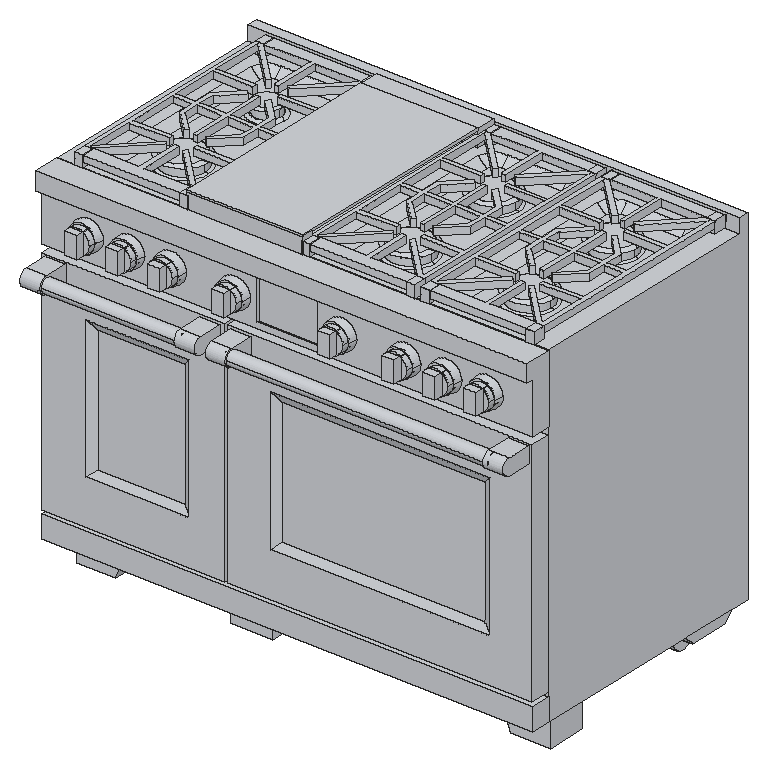
Revit family "DF48650G_S_P", category Generic Models, Revit 2020
Family settings
  Can host rebar = No
  Round Connector Dimension = Use Diameter
  Part Type = Normal
  Work Plane-Based = No
  Always vertical = Yes
  Cut with Voids When Loaded = No
  Shared = No
  Room Calculation Point = No
Parameters
  Default Elevation = 0' - 0"
Reference planes (in)
  plane 1 "Center (Front/Back)": y = 0
  plane 2: z = 0
  plane 3 "Center (Left/Right)": x = 0
Forms (in)
  Extrusion 1, solid
    sketch origin (0, 0, 0) x (0, 1, 0) y (0, 0, 1)
      loop
        line (1.88976, 35.59055) -> (-0.70866, 35.59055) -> (-0.70866, 33.89764) -> (0, 33.89764) -> (0, 28.9252) -> (1.88976, 28.9252) -> (1.88976, 35.59055)
    from 0 to 47.87401
  Extrusion 2, solid
    sketch origin (0, 0, 0) x (0, 1, 0) y (0, 0, 1)
      loop
        line (26.14173, 36.9685) -> (25.15748, 36.9685) -> (25.15748, 35.59055) -> (1.9685, 35.59055) -> (1.9685, 3.14961) -> (26.14173, 3.14961) -> (26.14173, 36.9685)
    from 0 to 47.87401
  Extrusion 3, solid
    sketch origin (0, 0, 0) x (0, 1, 0) y (0, 0, 1)
      loop
        line (1.9685, 5.31496) -> (0, 5.31496) -> (0, 3.14961) -> (1.9685, 3.14961) -> (1.9685, 5.31496)
    from 0 to 47.87401
  Extrusion 4, solid
    sketch origin (0, 0, 0) x (0, 1, 0) y (0, 0, 1)
      loop
        line (0, 28.18898) -> (0, 5.70866) -> (1.9685, 5.70866) -> (1.9685, 28.18898) -> (0, 28.18898)
    from 0 to 17.79528
  Extrusion 5, solid
    sketch origin (0, 0, 0) x (0, 1, 0) y (0, 0, 1)
      loop
        line (0, 26.41732) -> (0, 27.99213) -> (-2.3622, 27.99213)
        arc (-2.3622, 27.99213) -> (-3.14961, 27.20472) -> (-2.3622, 26.41732) r 0.7874
        line (-2.3622, 26.41732) -> (0, 26.41732)
    from 0.40557 to 2.36419
  Extrusion 6, solid
    sketch origin (26.75, 0, 0) x (0, 1, 0) y (0, 0, 1)
      loop
        line (0, 26.41732) -> (0, 27.99213) -> (-2.3622, 27.99213)
        arc (-2.3622, 27.99213) -> (-3.14961, 27.20472) -> (-2.3622, 26.41732) r 0.7874
        line (-2.3622, 26.41732) -> (0, 26.41732)
    from -11.31693 to -9.35529
  Extrusion 7, solid
    sketch origin (0, 0, 0) x (0, 1, 0) y (0, 0, 1)
      loop
        circle (-2.41707, 27.24489) r 0.66649
    from 1.8261 to 15.89362
  Extrusion 8, solid
    sketch origin (0, 0, 0) x (1, 0, 0) y (0, 0, 1)
      loop
        line (0.84646, 3.14961) -> (0.84646, 0) -> (4.66535, 0) -> (5.90551, 3.14961) -> (0.84646, 3.14961)
    from -7.02923 to -3.18791
  Extrusion 9, solid
    sketch origin (17.99213, 0, 0) x (1, 0, 0) y (0, 0, 1)
      loop
        line (23.97638, 3.14961) -> (25.21654, 0) -> (29.03543, 0) -> (29.03543, 3.14961) -> (23.97638, 3.14961)
    from -7.02923 to -3.18791
  Extrusion 10, solid
    sketch origin (0, 0, 0) x (0, 1, 0) y (0, 0, 1)
      loop
        line (24.17323, 3.14961) -> (18.66142, 3.14961) -> (19.45248, 2.27893) -> (23.38927, 2.27893) -> (24.17323, 3.14961)
    from 0 to 4.72441
  Extrusion 11, solid
    sketch origin (0, 0, 0) x (0, 1, 0) y (0, 0, 1)
      loop
        line (22.5954, 2.27893) -> (20.23924, 2.27893) -> (21.02362, 1.10236) -> (21.81102, 1.10236) -> (22.5954, 2.27893)
    from 1.5748 to 3.93701
  Extrusion 12, solid
    sketch origin (0, 0, 0) x (0, 1, 0) y (0, 0, 1)
      loop
        circle (21.41732, 1.10236) r 1.1236
    from 2.55906 to 2.95276
  Extrusion 13, solid
    sketch origin (43.14961, 0, 0) x (0, 1, 0) y (0, 0, 1)
      loop
        line (24.17323, 3.14961) -> (18.66142, 3.14961) -> (19.45248, 2.27893) -> (23.38927, 2.27893) -> (24.17323, 3.14961)
    from 0 to 4.72441
  Extrusion 14, solid
    sketch origin (42.36522, 0, 0) x (0, 1, 0) y (0, 0, 1)
      loop
        line (22.5954, 2.27893) -> (20.23924, 2.27893) -> (21.02362, 1.10236) -> (21.81102, 1.10236) -> (22.5954, 2.27893)
    from 1.5748 to 3.93701
  Extrusion 15, solid
    sketch origin (42.36522, 0, 0) x (0, 1, 0) y (0, 0, 1)
      loop
        circle (21.41732, 1.10236) r 1.1236
    from 2.55906 to 2.95276
  Blend 16, solid
    base sketch origin (0.90551, 0, 0) x (1, 0, 0) y (0, 0, 1)
      loop
        circle (3.62205, 31.31299) r 1.45314
    top sketch origin (0.90551, 0, 0) x (1, 0, 0) y (0, 0, 1)
      loop
        circle (3.62205, 31.31299) r 1.33532
    from 0 to 0.7874
  Extrusion 17, solid
    sketch origin (0.90551, 0, 0) x (1, 0, 0) y (0, 0, 1)
      loop
        circle (3.62205, 31.31299) r 1.21601
    from 0 to 1.37795
  Extrusion 18, solid
    sketch origin (0.90551, 0, 0) x (1, 0, 0) y (0, 0, 1)
      loop
        line (3.0315, 32.37598) -> (3.0315, 30.29013) -> (4.2126, 30.29013) -> (4.2126, 32.37598) -> (3.0315, 32.37598)
    from 0 to 2.15573
  Blend 19, solid, not visible
    base sketch origin (0, 0, 0) x (1, 0, 0) y (0, 0, 1)
      loop
        circle (3.62205, 31.31299) r 1.45314
    top sketch origin (0, 0, 0) x (1, 0, 0) y (0, 0, 1)
      loop
        circle (3.62205, 31.31299) r 1.33532
    from 0 to 0.7874
  Extrusion 20, solid, not visible
    sketch origin (0, 0, 0) x (1, 0, 0) y (0, 0, 1)
      loop
        circle (3.62205, 31.31299) r 1.21601
    from 0 to 1.37795
  Extrusion 21, solid, not visible
    sketch origin (0, 0, 0) x (1, 0, 0) y (0, 0, 1)
      loop
        line (3.0315, 32.37598) -> (3.0315, 30.29013) -> (4.2126, 30.29013) -> (4.2126, 32.37598) -> (3.0315, 32.37598)
    from 0 to 2.15573
  Blend 22, solid
    base sketch origin (4.92126, 0, 0) x (1, 0, 0) y (0, 0, 1)
      loop
        circle (3.62205, 31.31299) r 1.45314
    top sketch origin (4.92126, 0, 0) x (1, 0, 0) y (0, 0, 1)
      loop
        circle (3.62205, 31.31299) r 1.33532
    from 0 to 0.7874
  Extrusion 23, solid
    sketch origin (4.92126, 0, 0) x (1, 0, 0) y (0, 0, 1)
      loop
        circle (3.62205, 31.31299) r 1.21601
    from 0 to 1.37795
  Extrusion 24, solid
    sketch origin (4.92126, 0, 0) x (1, 0, 0) y (0, 0, 1)
      loop
        line (3.0315, 32.37598) -> (3.0315, 30.29013) -> (4.2126, 30.29013) -> (4.2126, 32.37598) -> (3.0315, 32.37598)
    from 0 to 2.15573
  Blend 25, solid
    base sketch origin (9.00306, 0, 0) x (1, 0, 0) y (0, 0, 1)
      loop
        circle (3.62205, 31.31299) r 1.45314
    top sketch origin (9.00306, 0, 0) x (1, 0, 0) y (0, 0, 1)
      loop
        circle (3.62205, 31.31299) r 1.33532
    from 0 to 0.7874
  Extrusion 26, solid
    sketch origin (9.00306, 0, 0) x (1, 0, 0) y (0, 0, 1)
      loop
        circle (3.62205, 31.31299) r 1.21601
    from 0 to 1.37795
  Extrusion 27, solid
    sketch origin (9.00306, 0, 0) x (1, 0, 0) y (0, 0, 1)
      loop
        line (3.0315, 32.37598) -> (3.0315, 30.29013) -> (4.2126, 30.29013) -> (4.2126, 32.37598) -> (3.0315, 32.37598)
    from 0 to 2.15573
  Blend 28, solid
    base sketch origin (15.23622, 0, 0) x (1, 0, 0) y (0, 0, 1)
      loop
        circle (3.62205, 31.31299) r 1.45314
    top sketch origin (15.23622, 0, 0) x (1, 0, 0) y (0, 0, 1)
      loop
        circle (3.62205, 31.31299) r 1.33532
    from 0 to 0.7874
  Extrusion 29, solid
    sketch origin (15.23622, 0, 0) x (1, 0, 0) y (0, 0, 1)
      loop
        circle (3.62205, 31.31299) r 1.21601
    from 0 to 1.37795
  Extrusion 30, solid
    sketch origin (15.23622, 0, 0) x (1, 0, 0) y (0, 0, 1)
      loop
        line (3.0315, 32.37598) -> (3.0315, 30.29013) -> (4.2126, 30.29013) -> (4.2126, 32.37598) -> (3.0315, 32.37598)
    from 0 to 2.15573
  Blend 31, solid
    base sketch origin (25.59072, 0, 0) x (1, 0, 0) y (0, 0, 1)
      loop
        circle (3.62205, 31.31299) r 1.45314
    top sketch origin (25.59072, 0, 0) x (1, 0, 0) y (0, 0, 1)
      loop
        circle (3.62205, 31.31299) r 1.33532
    from 0 to 0.7874
  Extrusion 32, solid
    sketch origin (25.59072, 0, 0) x (1, 0, 0) y (0, 0, 1)
      loop
        circle (3.62205, 31.31299) r 1.21601
    from 0 to 1.37795
  Extrusion 33, solid
    sketch origin (25.59072, 0, 0) x (1, 0, 0) y (0, 0, 1)
      loop
        line (3.0315, 32.37598) -> (3.0315, 30.29013) -> (4.2126, 30.29013) -> (4.2126, 32.37598) -> (3.0315, 32.37598)
    from 0 to 2.15573
  Extrusion 34, void
    sketch origin (0, 0, 0) x (1, 0, 0) y (0, 0, 1)
      loop
        line (26.89068, 33.47638) -> (20.99005, 33.47638) -> (20.99005, 29.46063) -> (26.89068, 29.46063) -> (26.89068, 33.47638)
    from -0.22861 to 12
  Blend 35, void
    base sketch origin (0, 0, 0) x (1, 0, 0) y (0, 0, 1)
      loop
        line (5.09843, 23.05118) -> (5.09843, 10.84646) -> (13.58268, 10.84646) -> (13.58268, 23.05118) -> (5.09843, 23.05118)
    top sketch origin (0, 0, 0) x (1, 0, 0) y (0, 0, 1)
      loop
        line (14.37008, 23.83858) -> (4.31102, 23.83858) -> (4.31102, 10.05905) -> (14.37008, 10.05905) -> (14.37008, 23.83858)
    from -0.3937 to 0
  Blend 36, void
    base sketch origin (0.17716, 0, 0) x (1, 0, 0) y (0, 1, 0)
      loop
        arc (4.14855, 22.95276) -> (3.56747, 22.71206) -> (3.32677, 22.13098) r 0.82178
        line (3.32677, 22.13098) -> (3.32677, 4.8769)
        arc (3.32677, 4.8769) -> (3.56747, 4.29581) -> (4.14855, 4.05512) r 0.82178
        line (4.14855, 4.05512) -> (9.98531, 4.05512)
        arc (9.98531, 4.05512) -> (10.56639, 4.29581) -> (10.80709, 4.8769) r 0.82178
        line (10.80709, 4.8769) -> (10.80709, 22.13098)
        arc (10.80709, 22.13098) -> (10.56639, 22.71206) -> (9.98531, 22.95276) r 0.82178
        line (9.98531, 22.95276) -> (4.14855, 22.95276)
    top sketch origin (0.17716, 0, 0) x (1, 0, 0) y (0, 1, 0)
      loop
        arc (4.12346, 23.74016) -> (2.98272, 23.26764) -> (2.5102, 22.1269) r 1.61326
        line (2.5102, 22.1269) -> (2.5102, 4.8769)
        arc (2.5102, 4.8769) -> (2.98101, 3.74026) -> (4.11765, 3.26945) r 1.60744
        line (4.11765, 3.26945) -> (10.0306, 3.26945)
        arc (10.0306, 3.26945) -> (11.13644, 3.7275) -> (11.59449, 4.83334) r 1.56388
        line (11.59449, 4.83334) -> (11.59449, 22.13098)
        arc (11.59449, 22.13098) -> (11.12317, 23.26884) -> (9.98531, 23.74016) r 1.60918
        line (9.98531, 23.74016) -> (4.12346, 23.74016)
    from 34.80848 to 35.59055
  Extrusion 37, solid
    sketch origin (0.17716, 0, 0) x (1, 0, 0) y (0, 1, 0)
      loop
        line (1.55512, 25.15748) -> (1.55512, 1.88976) -> (12.57874, 1.88976) -> (12.57874, 25.15748) -> (1.55512, 25.15748)
      loop
        line (2.22659, 23.93701) -> (6.25887, 19.90473) -> (5.97639, 19.62225) -> (1.94342, 23.65522) -> (1.94342, 18.58268) -> (5.88583, 18.58268) -> (5.88583, 18.18898) -> (1.94342, 18.18898) -> (1.94342, 13.70079) -> (3.91732, 13.70079) -> (3.91732, 15.35713) -> (5.94192, 17.38172) -> (6.22031, 17.10333) -> (4.31102, 15.19405) -> (4.31102, 13.70079) -> (6.87008, 13.70079) -> (6.87008, 17.27886) -> (7.26545, 17.27886) -> (7.26545, 13.70079) -> (9.82036, 13.70079) -> (9.82036, 15.19738) -> (7.91548, 17.10225) -> (8.19345, 17.38021) -> (10.21654, 15.35713) -> (10.21654, 13.70079) -> (12.18504, 13.70079) -> (12.18504, 18.18898) -> (8.24803, 18.18898) -> (8.24803, 18.58268) -> (12.18504, 18.58268) -> (12.18504, 23.65908) -> (8.15161, 19.62565) -> (7.86344, 19.91382) -> (11.88664, 23.93701) -> (7.26378, 23.93701) -> (7.26378, 19.6063) -> (6.87008, 19.6063) -> (6.87008, 23.93701) -> (2.22659, 23.93701)
      loop
        line (9.82036, 11.79288) -> (9.82036, 13.30709) -> (7.26545, 13.30709) -> (7.26545, 9.74409) -> (6.87008, 9.74409) -> (6.87008, 13.30709) -> (4.31102, 13.30709) -> (4.31102, 11.81382) -> (6.22187, 9.90297) -> (5.94348, 9.62459) -> (3.91732, 11.65075) -> (3.91732, 13.31073) -> (1.94342, 13.31073) -> (1.94342, 8.38583) -> (5.88583, 8.38583) -> (5.88583, 7.99213) -> (1.94342, 7.99213) -> (1.94342, 3.37305) -> (5.97438, 7.40401) -> (6.26736, 7.11102) -> (2.22655, 3.07021) -> (6.86986, 3.07021) -> (6.86986, 7.40401) -> (7.26545, 7.40401) -> (7.26545, 3.07021) -> (11.90457, 3.07021) -> (7.84812, 7.12666) -> (8.11918, 7.39772) -> (12.18504, 3.33186) -> (12.18504, 7.99213) -> (8.24803, 7.99213) -> (8.24803, 8.38583) -> (12.18504, 8.38583) -> (12.18504, 13.30709) -> (10.21654, 13.30709) -> (10.21654, 11.65075) -> (8.19038, 9.62459) -> (7.92122, 9.89374) -> (9.82036, 11.79288)
    from 36.10253 to 36.77165
  Extrusion 38, solid
    sketch origin (0.17716, 0, 0) x (1, 0, 0) y (0, 1, 0)
      loop
        line (11.79134, 3.07021) -> (11.79134, 1.88976) -> (12.57874, 1.88976) -> (12.57874, 3.07021) -> (11.79134, 3.07021)
      loop
        line (12.57874, 25.11811) -> (11.79134, 25.11811) -> (11.79134, 23.93701) -> (12.57874, 23.93701) -> (12.57874, 25.11811)
      loop
        line (1.55512, 25.11811) -> (1.55512, 23.93701) -> (2.34252, 23.93701) -> (2.34252, 25.11811) -> (1.55512, 25.11811)
      loop
        line (2.34252, 3.07021) -> (1.55512, 3.07021) -> (1.55512, 1.88976) -> (2.34252, 1.88976) -> (2.34252, 3.07021)
    from 35.59055 to 36.77165
  Extrusion 39, solid
    sketch origin (33.91732, 0, 0) x (1, 0, 0) y (0, 1, 0)
      loop
        line (1.55512, 25.15748) -> (1.55512, 1.88976) -> (12.57874, 1.88976) -> (12.57874, 25.15748) -> (1.55512, 25.15748)
      loop
        line (2.22659, 23.93701) -> (6.25887, 19.90473) -> (5.97639, 19.62225) -> (1.94342, 23.65522) -> (1.94342, 18.58268) -> (5.88583, 18.58268) -> (5.88583, 18.18898) -> (1.94342, 18.18898) -> (1.94342, 13.70079) -> (3.91732, 13.70079) -> (3.91732, 15.35713) -> (5.94192, 17.38172) -> (6.22031, 17.10333) -> (4.31102, 15.19405) -> (4.31102, 13.70079) -> (6.87008, 13.70079) -> (6.87008, 17.27886) -> (7.26545, 17.27886) -> (7.26545, 13.70079) -> (9.82036, 13.70079) -> (9.82036, 15.19738) -> (7.91548, 17.10225) -> (8.19345, 17.38021) -> (10.21654, 15.35713) -> (10.21654, 13.70079) -> (12.18504, 13.70079) -> (12.18504, 18.18898) -> (8.24803, 18.18898) -> (8.24803, 18.58268) -> (12.18504, 18.58268) -> (12.18504, 23.65908) -> (8.15161, 19.62565) -> (7.86344, 19.91382) -> (11.88664, 23.93701) -> (7.26378, 23.93701) -> (7.26378, 19.6063) -> (6.87008, 19.6063) -> (6.87008, 23.93701) -> (2.22659, 23.93701)
      loop
        line (9.82036, 11.79288) -> (9.82036, 13.30709) -> (7.26545, 13.30709) -> (7.26545, 9.74409) -> (6.87008, 9.74409) -> (6.87008, 13.30709) -> (4.31102, 13.30709) -> (4.31102, 11.81382) -> (6.22187, 9.90297) -> (5.94348, 9.62459) -> (3.91732, 11.65075) -> (3.91732, 13.31073) -> (1.94342, 13.31073) -> (1.94342, 8.38583) -> (5.88583, 8.38583) -> (5.88583, 7.99213) -> (1.94342, 7.99213) -> (1.94342, 3.37305) -> (5.97438, 7.40401) -> (6.26736, 7.11102) -> (2.22655, 3.07021) -> (6.86986, 3.07021) -> (6.86986, 7.40401) -> (7.26545, 7.40401) -> (7.26545, 3.07021) -> (11.90457, 3.07021) -> (7.84812, 7.12666) -> (8.11918, 7.39772) -> (12.18504, 3.33186) -> (12.18504, 7.99213) -> (8.24803, 7.99213) -> (8.24803, 8.38583) -> (12.18504, 8.38583) -> (12.18504, 13.30709) -> (10.21654, 13.30709) -> (10.21654, 11.65075) -> (8.19038, 9.62459) -> (7.92122, 9.89374) -> (9.82036, 11.79288)
    from 36.10253 to 36.77165
  Extrusion 40, solid
    sketch origin (33.91732, 0, 0) x (1, 0, 0) y (0, 1, 0)
      loop
        line (11.79134, 3.07021) -> (11.79134, 1.88976) -> (12.57874, 1.88976) -> (12.57874, 3.07021) -> (11.79134, 3.07021)
      loop
        line (12.57874, 25.11811) -> (11.79134, 25.11811) -> (11.79134, 23.93701) -> (12.57874, 23.93701) -> (12.57874, 25.11811)
      loop
        line (1.55512, 25.11811) -> (1.55512, 23.93701) -> (2.34252, 23.93701) -> (2.34252, 25.11811) -> (1.55512, 25.11811)
      loop
        line (2.34252, 3.07021) -> (1.55512, 3.07021) -> (1.55512, 1.88976) -> (2.34252, 1.88976) -> (2.34252, 3.07021)
    from 35.59055 to 36.77165
  Blend 41, solid
    base sketch origin (0.17716, 0, 0) x (1, 0, 0) y (0, 1, 0)
      loop
        circle (7.09071, 18.35456) r 1.75898
    top sketch origin (0.17716, 0, 0) x (1, 0, 0) y (0, 1, 0)
      loop
        circle (7.09071, 18.35456) r 1.42487
    from 34.80848 to 34.99711
  Blend 42, solid
    base sketch origin (0.17716, -10.19685, 0) x (1, 0, 0) y (0, 1, 0)
      loop
        circle (7.09071, 18.35456) r 2.38325
    top sketch origin (0.17716, -10.19685, 0) x (1, 0, 0) y (0, 1, 0)
      loop
        circle (7.09071, 18.35456) r 2
    from 34.80848 to 34.99711
  Extrusion 43, solid
    sketch origin (0.17716, 0, 0) x (1, 0, 0) y (0, 1, 0)
      loop
        circle (7.10752, 18.34098) r 1.28657
    from 34.80848 to 35.7874
  Extrusion 44, solid
    sketch origin (0.17716, -10.19685, 0) x (1, 0, 0) y (0, 1, 0)
      loop
        circle (7.10752, 18.34098) r 2.08832
    from 34.80848 to 35.7874
  Blend 45, solid
    base sketch origin (0.17716, 0, 0.97892) x (1, 0, 0) y (0, 1, 0)
      loop
        circle (7.09071, 18.35456) r 1.42487
    top sketch origin (0.17716, 0, 0.97892) x (1, 0, 0) y (0, 1, 0)
      loop
        circle (7.09071, 18.35456) r 1.25
    from 34.80848 to 34.99711
  Blend 46, solid
    base sketch origin (0.17716, -10.19685, 0.97892) x (1, 0, 0) y (0, 1, 0)
      loop
        circle (7.09071, 18.35456) r 2.38325
    top sketch origin (0.17716, -10.19685, 0.97892) x (1, 0, 0) y (0, 1, 0)
      loop
        circle (7.09071, 18.35456) r 2
    from 34.80848 to 34.99711
  Blend 47, solid
    base sketch origin (33.91732, 0, 0) x (1, 0, 0) y (0, 1, 0)
      loop
        circle (7.09071, 18.35456) r 2.38325
    top sketch origin (33.91732, 0, 0) x (1, 0, 0) y (0, 1, 0)
      loop
        circle (7.09071, 18.35456) r 2
    from 34.80848 to 34.99711
  Extrusion 48, solid
    sketch origin (33.91732, 0, 0) x (1, 0, 0) y (0, 1, 0)
      loop
        circle (7.10752, 18.34098) r 2.08832
    from 34.80848 to 35.7874
  Blend 49, solid
    base sketch origin (33.91732, 0, 0.97892) x (1, 0, 0) y (0, 1, 0)
      loop
        circle (7.09071, 18.35456) r 2.38325
    top sketch origin (33.91732, 0, 0.97892) x (1, 0, 0) y (0, 1, 0)
      loop
        circle (7.09071, 18.35456) r 2
    from 34.80848 to 34.99711
  Blend 50, solid
    base sketch origin (33.91732, -10.19685, 0) x (1, 0, 0) y (0, 1, 0)
      loop
        circle (7.09071, 18.35456) r 2.38325
    top sketch origin (33.91732, -10.19685, 0) x (1, 0, 0) y (0, 1, 0)
      loop
        circle (7.09071, 18.35456) r 2
    from 34.80848 to 34.99711
  Extrusion 51, solid
    sketch origin (33.91732, -10.19685, 0) x (1, 0, 0) y (0, 1, 0)
      loop
        circle (7.10752, 18.34098) r 2.08832
    from 34.80848 to 35.7874
  Blend 52, solid
    base sketch origin (33.91732, -10.19685, 0.97892) x (1, 0, 0) y (0, 1, 0)
      loop
        circle (7.09071, 18.35456) r 2.38325
    top sketch origin (33.91732, -10.19685, 0.97892) x (1, 0, 0) y (0, 1, 0)
      loop
        circle (7.09071, 18.35456) r 2
    from 34.80848 to 34.99711
  Extrusion 53, solid
    sketch origin (15.82677, 0, 0) x (0, 1, 0) y (0, 0, 1)
      loop
        line (24.17323, 3.14961) -> (18.66142, 3.14961) -> (19.45248, 2.27893) -> (23.38927, 2.27893) -> (24.17323, 3.14961)
    from -0.7874 to 4.72441
  Extrusion 54, solid
    sketch origin (15.03937, 0, 0) x (0, 1, 0) y (0, 0, 1)
      loop
        line (22.5954, 2.27893) -> (20.23924, 2.27893) -> (21.02362, 1.10236) -> (21.81102, 1.10236) -> (22.5954, 2.27893)
    from 1.5748 to 3.93701
  Extrusion 55, solid
    sketch origin (15.03937, 0, 0) x (0, 1, 0) y (0, 0, 1)
      loop
        circle (21.41732, 1.10236) r 1.1236
    from 2.55906 to 2.95276
  Extrusion 56, solid
    sketch origin (0, 0, 0) x (1, 0, 0) y (0, 0, 1)
      loop
        line (15.82677, 0) -> (19.96063, 0) -> (19.96063, 3.14961) -> (15.82677, 3.14961) -> (15.82677, 0)
    from -7.02923 to -3.18791
  Extrusion 57, solid
    sketch origin (30, 0, 0) x (0, 1, 0) y (0, 0, 1)
      loop
        line (0, 28.18898) -> (0, 5.70866) -> (1.9685, 5.70866) -> (1.9685, 28.18898) -> (0, 28.18898)
    from -11.88976 to 17.79528
  Blend 58, void
    base sketch origin (30, 0, 0) x (1, 0, 0) y (0, 0, 1)
      loop
        line (-6.90945, 23.05118) -> (-6.90945, 10.84646) -> (12.8937, 10.84646) -> (12.8937, 23.05118) -> (-6.90945, 23.05118)
    top sketch origin (30, 0, 0) x (1, 0, 0) y (0, 0, 1)
      loop
        line (13.6811, 23.83858) -> (-7.69685, 23.83858) -> (-7.69685, 10.05905) -> (13.6811, 10.05905) -> (13.6811, 23.83858)
    from -0.3937 to 0
  Extrusion 59, solid
    sketch origin (30.06421, 0, 0) x (0, 1, 0) y (0, 0, 1)
      loop
        line (0, 26.41732) -> (0, 27.99213) -> (-2.3622, 27.99213)
        arc (-2.3622, 27.99213) -> (-3.14961, 27.20472) -> (-2.3622, 26.41732) r 0.7874
        line (-2.3622, 26.41732) -> (0, 26.41732)
    from -11.59142 to -9.6695
  Extrusion 60, solid
    sketch origin (56.81421, 0, 0) x (0, 1, 0) y (0, 0, 1)
      loop
        line (0, 26.41732) -> (0, 27.99213) -> (-2.3622, 27.99213)
        arc (-2.3622, 27.99213) -> (-3.14961, 27.20472) -> (-2.3622, 26.41732) r 0.7874
        line (-2.3622, 26.41732) -> (0, 26.41732)
    from -11.31693 to -9.35529
  Extrusion 61, solid
    sketch origin (30.06421, 0, 0) x (0, 1, 0) y (0, 0, 1)
      loop
        circle (-2.41707, 27.24489) r 0.66649
    from -9.85108 to 15.89362
  Blend 62, solid
    base sketch origin (31.84072, 0, 0) x (1, 0, 0) y (0, 0, 1)
      loop
        circle (3.62205, 31.31299) r 1.45314
    top sketch origin (31.84072, 0, 0) x (1, 0, 0) y (0, 0, 1)
      loop
        circle (3.62205, 31.31299) r 1.33532
    from 0 to 0.7874
  Extrusion 63, solid
    sketch origin (31.84072, 0, 0) x (1, 0, 0) y (0, 0, 1)
      loop
        circle (3.62205, 31.31299) r 1.21601
    from 0 to 1.37795
  Extrusion 64, solid
    sketch origin (31.84072, 0, 0) x (1, 0, 0) y (0, 0, 1)
      loop
        line (3.0315, 32.37598) -> (3.0315, 30.29013) -> (4.2126, 30.29013) -> (4.2126, 32.37598) -> (3.0315, 32.37598)
    from 0 to 2.15573
  Blend 65, solid
    base sketch origin (35.84072, 0, 0) x (1, 0, 0) y (0, 0, 1)
      loop
        circle (3.62205, 31.31299) r 1.45314
    top sketch origin (35.84072, 0, 0) x (1, 0, 0) y (0, 0, 1)
      loop
        circle (3.62205, 31.31299) r 1.33532
    from 0 to 0.7874
  Extrusion 66, solid
    sketch origin (35.84072, 0, 0) x (1, 0, 0) y (0, 0, 1)
      loop
        circle (3.62205, 31.31299) r 1.21601
    from 0 to 1.37795
  Extrusion 67, solid
    sketch origin (35.84072, 0, 0) x (1, 0, 0) y (0, 0, 1)
      loop
        line (3.0315, 32.37598) -> (3.0315, 30.29013) -> (4.2126, 30.29013) -> (4.2126, 32.37598) -> (3.0315, 32.37598)
    from 0 to 2.15573
  Blend 68, solid
    base sketch origin (39.84072, 0, 0) x (1, 0, 0) y (0, 0, 1)
      loop
        circle (3.62205, 31.31299) r 1.45314
    top sketch origin (39.84072, 0, 0) x (1, 0, 0) y (0, 0, 1)
      loop
        circle (3.62205, 31.31299) r 1.33532
    from 0 to 0.7874
  Extrusion 69, solid
    sketch origin (39.84072, 0, 0) x (1, 0, 0) y (0, 0, 1)
      loop
        circle (3.62205, 31.31299) r 1.21601
    from 0 to 1.37795
  Extrusion 70, solid
    sketch origin (39.84072, 0, 0) x (1, 0, 0) y (0, 0, 1)
      loop
        line (3.0315, 32.37598) -> (3.0315, 30.29013) -> (4.2126, 30.29013) -> (4.2126, 32.37598) -> (3.0315, 32.37598)
    from 0 to 2.15573
  Blend 71, void
    base sketch origin (33.91732, 0, 0) x (1, 0, 0) y (0, 1, 0)
      loop
        arc (4.14855, 22.95276) -> (3.56747, 22.71206) -> (3.32677, 22.13098) r 0.82178
        line (3.32677, 22.13098) -> (3.32677, 4.8769)
        arc (3.32677, 4.8769) -> (3.56747, 4.29581) -> (4.14855, 4.05512) r 0.82178
        line (4.14855, 4.05512) -> (9.98531, 4.05512)
        arc (9.98531, 4.05512) -> (10.56639, 4.29581) -> (10.80709, 4.8769) r 0.82178
        line (10.80709, 4.8769) -> (10.80709, 22.13098)
        arc (10.80709, 22.13098) -> (10.56639, 22.71206) -> (9.98531, 22.95276) r 0.82178
        line (9.98531, 22.95276) -> (4.14855, 22.95276)
    top sketch origin (33.91732, 0, 0) x (1, 0, 0) y (0, 1, 0)
      loop
        arc (4.12346, 23.74016) -> (2.98272, 23.26764) -> (2.5102, 22.1269) r 1.61326
        line (2.5102, 22.1269) -> (2.5102, 4.8769)
        arc (2.5102, 4.8769) -> (2.98101, 3.74026) -> (4.11765, 3.26945) r 1.60744
        line (4.11765, 3.26945) -> (10.0306, 3.26945)
        arc (10.0306, 3.26945) -> (11.13644, 3.7275) -> (11.59449, 4.83334) r 1.56388
        line (11.59449, 4.83334) -> (11.59449, 22.13098)
        arc (11.59449, 22.13098) -> (11.12317, 23.26884) -> (9.98531, 23.74016) r 1.60918
        line (9.98531, 23.74016) -> (4.12346, 23.74016)
    from 34.80848 to 35.59055
  Blend 72, void, not visible
    base sketch origin (-0.55118, 0, 0) x (1, 0, 0) y (0, 1, 0)
      loop
        arc (4.14855, 22.95276) -> (3.56747, 22.71206) -> (3.32677, 22.13098) r 0.82178
        line (3.32677, 22.13098) -> (3.32677, 4.8769)
        arc (3.32677, 4.8769) -> (3.56747, 4.29581) -> (4.14855, 4.05512) r 0.82178
        line (4.14855, 4.05512) -> (9.98531, 4.05512)
        arc (9.98531, 4.05512) -> (10.56639, 4.29581) -> (10.80709, 4.8769) r 0.82178
        line (10.80709, 4.8769) -> (10.80709, 22.13098)
        arc (10.80709, 22.13098) -> (10.56639, 22.71206) -> (9.98531, 22.95276) r 0.82178
        line (9.98531, 22.95276) -> (4.14855, 22.95276)
    top sketch origin (-0.55118, 0, 0) x (1, 0, 0) y (0, 1, 0)
      loop
        arc (4.12346, 23.74016) -> (2.98272, 23.26764) -> (2.5102, 22.1269) r 1.61326
        line (2.5102, 22.1269) -> (2.5102, 4.8769)
        arc (2.5102, 4.8769) -> (2.98101, 3.74026) -> (4.11765, 3.26945) r 1.60744
        line (4.11765, 3.26945) -> (10.0306, 3.26945)
        arc (10.0306, 3.26945) -> (11.13644, 3.7275) -> (11.59449, 4.83334) r 1.56388
        line (11.59449, 4.83334) -> (11.59449, 22.13098)
        arc (11.59449, 22.13098) -> (11.12317, 23.26884) -> (9.98531, 23.74016) r 1.60918
        line (9.98531, 23.74016) -> (4.12346, 23.74016)
    from 34.80848 to 35.59055
  Extrusion 73, solid, not visible
    sketch origin (-0.55118, 0, 0) x (1, 0, 0) y (0, 1, 0)
      loop
        line (1.55512, 25.15748) -> (1.55512, 1.88976) -> (12.57874, 1.88976) -> (12.57874, 25.15748) -> (1.55512, 25.15748)
      loop
        line (2.22659, 23.93701) -> (6.25887, 19.90473) -> (5.97639, 19.62225) -> (1.94342, 23.65522) -> (1.94342, 18.58268) -> (5.88583, 18.58268) -> (5.88583, 18.18898) -> (1.94342, 18.18898) -> (1.94342, 13.70079) -> (3.91732, 13.70079) -> (3.91732, 15.35713) -> (5.94192, 17.38172) -> (6.22031, 17.10333) -> (4.31102, 15.19405) -> (4.31102, 13.70079) -> (6.87008, 13.70079) -> (6.87008, 17.27886) -> (7.26545, 17.27886) -> (7.26545, 13.70079) -> (9.82036, 13.70079) -> (9.82036, 15.19738) -> (7.91548, 17.10225) -> (8.19345, 17.38021) -> (10.21654, 15.35713) -> (10.21654, 13.70079) -> (12.18504, 13.70079) -> (12.18504, 18.18898) -> (8.24803, 18.18898) -> (8.24803, 18.58268) -> (12.18504, 18.58268) -> (12.18504, 23.65908) -> (8.15161, 19.62565) -> (7.86344, 19.91382) -> (11.88664, 23.93701) -> (7.26378, 23.93701) -> (7.26378, 19.6063) -> (6.87008, 19.6063) -> (6.87008, 23.93701) -> (2.22659, 23.93701)
      loop
        line (9.82036, 11.79288) -> (9.82036, 13.30709) -> (7.26545, 13.30709) -> (7.26545, 9.74409) -> (6.87008, 9.74409) -> (6.87008, 13.30709) -> (4.31102, 13.30709) -> (4.31102, 11.81382) -> (6.22187, 9.90297) -> (5.94348, 9.62459) -> (3.91732, 11.65075) -> (3.91732, 13.31073) -> (1.94342, 13.31073) -> (1.94342, 8.38583) -> (5.88583, 8.38583) -> (5.88583, 7.99213) -> (1.94342, 7.99213) -> (1.94342, 3.37305) -> (5.97438, 7.40401) -> (6.26736, 7.11102) -> (2.22655, 3.07021) -> (6.86986, 3.07021) -> (6.86986, 7.40401) -> (7.26545, 7.40401) -> (7.26545, 3.07021) -> (11.90457, 3.07021) -> (7.84812, 7.12666) -> (8.11918, 7.39772) -> (12.18504, 3.33186) -> (12.18504, 7.99213) -> (8.24803, 7.99213) -> (8.24803, 8.38583) -> (12.18504, 8.38583) -> (12.18504, 13.30709) -> (10.21654, 13.30709) -> (10.21654, 11.65075) -> (8.19038, 9.62459) -> (7.92122, 9.89374) -> (9.82036, 11.79288)
    from 36.10253 to 36.77165
  Extrusion 74, solid, not visible
    sketch origin (-0.55118, 0, 0) x (1, 0, 0) y (0, 1, 0)
      loop
        line (11.79134, 3.07021) -> (11.79134, 1.88976) -> (12.57874, 1.88976) -> (12.57874, 3.07021) -> (11.79134, 3.07021)
      loop
        line (12.57874, 25.11811) -> (11.79134, 25.11811) -> (11.79134, 23.93701) -> (12.57874, 23.93701) -> (12.57874, 25.11811)
      loop
        line (1.55512, 25.11811) -> (1.55512, 23.93701) -> (2.34252, 23.93701) -> (2.34252, 25.11811) -> (1.55512, 25.11811)
      loop
        line (2.34252, 3.07021) -> (1.55512, 3.07021) -> (1.55512, 1.88976) -> (2.34252, 1.88976) -> (2.34252, 3.07021)
    from 35.59055 to 36.77165
  Blend 75, solid, not visible
    base sketch origin (-0.55118, 0, 0) x (1, 0, 0) y (0, 1, 0)
      loop
        circle (7.09071, 18.35456) r 1.75898
    top sketch origin (-0.55118, 0, 0) x (1, 0, 0) y (0, 1, 0)
      loop
        circle (7.09071, 18.35456) r 1.42487
    from 34.80848 to 34.99711
  Blend 76, solid, not visible
    base sketch origin (-0.55118, -10.19685, 0) x (1, 0, 0) y (0, 1, 0)
      loop
        circle (7.09071, 18.35456) r 2.38325
    top sketch origin (-0.55118, -10.19685, 0) x (1, 0, 0) y (0, 1, 0)
      loop
        circle (7.09071, 18.35456) r 2
    from 34.80848 to 34.99711
  Extrusion 77, solid, not visible
    sketch origin (-0.55118, 0, 0) x (1, 0, 0) y (0, 1, 0)
      loop
        circle (7.10752, 18.34098) r 1.28657
    from 34.80848 to 35.7874
  Extrusion 78, solid, not visible
    sketch origin (-0.55118, -10.19685, 0) x (1, 0, 0) y (0, 1, 0)
      loop
        circle (7.10752, 18.34098) r 2.08832
    from 34.80848 to 35.7874
  Blend 79, solid, not visible
    base sketch origin (-0.55118, 0, 0.97892) x (1, 0, 0) y (0, 1, 0)
      loop
        circle (7.09071, 18.35456) r 1.42487
    top sketch origin (-0.55118, 0, 0.97892) x (1, 0, 0) y (0, 1, 0)
      loop
        circle (7.09071, 18.35456) r 1.25
    from 34.80848 to 34.99711
  Blend 80, solid, not visible
    base sketch origin (-0.55118, -10.19685, 0.97892) x (1, 0, 0) y (0, 1, 0)
      loop
        circle (7.09071, 18.35456) r 2.38325
    top sketch origin (-0.55118, -10.19685, 0.97892) x (1, 0, 0) y (0, 1, 0)
      loop
        circle (7.09071, 18.35456) r 2
    from 34.80848 to 34.99711
  Blend 81, void
    base sketch origin (22.30512, 0, 0) x (1, 0, 0) y (0, 1, 0)
      loop
        arc (4.14855, 22.95276) -> (3.56747, 22.71206) -> (3.32677, 22.13098) r 0.82178
        line (3.32677, 22.13098) -> (3.32677, 4.8769)
        arc (3.32677, 4.8769) -> (3.56747, 4.29581) -> (4.14855, 4.05512) r 0.82178
        line (4.14855, 4.05512) -> (9.98531, 4.05512)
        arc (9.98531, 4.05512) -> (10.56639, 4.29581) -> (10.80709, 4.8769) r 0.82178
        line (10.80709, 4.8769) -> (10.80709, 22.13098)
        arc (10.80709, 22.13098) -> (10.56639, 22.71206) -> (9.98531, 22.95276) r 0.82178
        line (9.98531, 22.95276) -> (4.14855, 22.95276)
    top sketch origin (22.30512, 0, 0) x (1, 0, 0) y (0, 1, 0)
      loop
        arc (4.12346, 23.74016) -> (2.98272, 23.26764) -> (2.5102, 22.1269) r 1.61326
        line (2.5102, 22.1269) -> (2.5102, 4.8769)
        arc (2.5102, 4.8769) -> (2.98101, 3.74026) -> (4.11765, 3.26945) r 1.60744
        line (4.11765, 3.26945) -> (10.0306, 3.26945)
        arc (10.0306, 3.26945) -> (11.13644, 3.7275) -> (11.59449, 4.83334) r 1.56388
        line (11.59449, 4.83334) -> (11.59449, 22.13098)
        arc (11.59449, 22.13098) -> (11.12317, 23.26884) -> (9.98531, 23.74016) r 1.60918
        line (9.98531, 23.74016) -> (4.12346, 23.74016)
    from 34.80848 to 35.59055
  Extrusion 82, solid
    sketch origin (22.30512, 0, 0) x (1, 0, 0) y (0, 1, 0)
      loop
        line (11.79134, 3.07021) -> (11.79134, 1.88976) -> (12.57874, 1.88976) -> (12.57874, 3.07021) -> (11.79134, 3.07021)
      loop
        line (12.57874, 25.11811) -> (11.79134, 25.11811) -> (11.79134, 23.93701) -> (12.57874, 23.93701) -> (12.57874, 25.11811)
      loop
        line (1.55512, 25.11811) -> (1.55512, 23.93701) -> (2.34252, 23.93701) -> (2.34252, 25.11811) -> (1.55512, 25.11811)
      loop
        line (2.34252, 3.07021) -> (1.55512, 3.07021) -> (1.55512, 1.88976) -> (2.34252, 1.88976) -> (2.34252, 3.07021)
    from 35.59055 to 36.77165
  Extrusion 83, solid
    sketch origin (22.30512, -10.19685, 0) x (1, 0, 0) y (0, 1, 0)
      loop
        circle (7.10752, 18.34098) r 2.08832
    from 34.80848 to 35.7874
  Extrusion 84, solid
    sketch origin (22.30512, 0, 0) x (1, 0, 0) y (0, 1, 0)
      loop
        line (1.55512, 25.15748) -> (1.55512, 1.88976) -> (12.57874, 1.88976) -> (12.57874, 25.15748) -> (1.55512, 25.15748)
      loop
        line (2.22659, 23.93701) -> (6.25887, 19.90473) -> (5.97639, 19.62225) -> (1.94342, 23.65522) -> (1.94342, 18.58268) -> (5.88583, 18.58268) -> (5.88583, 18.18898) -> (1.94342, 18.18898) -> (1.94342, 13.70079) -> (3.91732, 13.70079) -> (3.91732, 15.35713) -> (5.94192, 17.38172) -> (6.22031, 17.10333) -> (4.31102, 15.19405) -> (4.31102, 13.70079) -> (6.87008, 13.70079) -> (6.87008, 17.27886) -> (7.26545, 17.27886) -> (7.26545, 13.70079) -> (9.82036, 13.70079) -> (9.82036, 15.19738) -> (7.91548, 17.10225) -> (8.19345, 17.38021) -> (10.21654, 15.35713) -> (10.21654, 13.70079) -> (12.18504, 13.70079) -> (12.18504, 18.18898) -> (8.24803, 18.18898) -> (8.24803, 18.58268) -> (12.18504, 18.58268) -> (12.18504, 23.65908) -> (8.15161, 19.62565) -> (7.86344, 19.91382) -> (11.88664, 23.93701) -> (7.26378, 23.93701) -> (7.26378, 19.6063) -> (6.87008, 19.6063) -> (6.87008, 23.93701) -> (2.22659, 23.93701)
      loop
        line (9.82036, 11.79288) -> (9.82036, 13.30709) -> (7.26545, 13.30709) -> (7.26545, 9.74409) -> (6.87008, 9.74409) -> (6.87008, 13.30709) -> (4.31102, 13.30709) -> (4.31102, 11.81382) -> (6.22187, 9.90297) -> (5.94348, 9.62459) -> (3.91732, 11.65075) -> (3.91732, 13.31073) -> (1.94342, 13.31073) -> (1.94342, 8.38583) -> (5.88583, 8.38583) -> (5.88583, 7.99213) -> (1.94342, 7.99213) -> (1.94342, 3.37305) -> (5.97438, 7.40401) -> (6.26736, 7.11102) -> (2.22655, 3.07021) -> (6.86986, 3.07021) -> (6.86986, 7.40401) -> (7.26545, 7.40401) -> (7.26545, 3.07021) -> (11.90457, 3.07021) -> (7.84812, 7.12666) -> (8.11918, 7.39772) -> (12.18504, 3.33186) -> (12.18504, 7.99213) -> (8.24803, 7.99213) -> (8.24803, 8.38583) -> (12.18504, 8.38583) -> (12.18504, 13.30709) -> (10.21654, 13.30709) -> (10.21654, 11.65075) -> (8.19038, 9.62459) -> (7.92122, 9.89374) -> (9.82036, 11.79288)
    from 36.10253 to 36.77165
  Blend 85, solid
    base sketch origin (22.30512, 0, 0) x (1, 0, 0) y (0, 1, 0)
      loop
        circle (7.09071, 18.35456) r 2.38325
    top sketch origin (22.30512, 0, 0) x (1, 0, 0) y (0, 1, 0)
      loop
        circle (7.09071, 18.35456) r 2
    from 34.80848 to 34.99711
  Extrusion 86, solid
    sketch origin (22.30512, 0, 0) x (1, 0, 0) y (0, 1, 0)
      loop
        circle (7.10752, 18.34098) r 2.08832
    from 34.80848 to 35.7874
  Blend 87, solid
    base sketch origin (22.30512, 0, 0.97892) x (1, 0, 0) y (0, 1, 0)
      loop
        circle (7.09071, 18.35456) r 2.38325
    top sketch origin (22.30512, 0, 0.97892) x (1, 0, 0) y (0, 1, 0)
      loop
        circle (7.09071, 18.35456) r 2
    from 34.80848 to 34.99711
  Blend 88, solid
    base sketch origin (22.30512, -10.19685, 0) x (1, 0, 0) y (0, 1, 0)
      loop
        circle (7.09071, 18.35456) r 2.38325
    top sketch origin (22.30512, -10.19685, 0) x (1, 0, 0) y (0, 1, 0)
      loop
        circle (7.09071, 18.35456) r 2
    from 34.80848 to 34.99711
  Extrusion 89, solid
    sketch origin (22.30512, -10.19685, 0) x (1, 0, 0) y (0, 1, 0)
      loop
        circle (7.10752, 18.34098) r 2.08832
    from 34.80848 to 35.7874
  Blend 90, solid
    base sketch origin (22.30512, -10.19685, 0.97892) x (1, 0, 0) y (0, 1, 0)
      loop
        circle (7.09071, 18.35456) r 2.38325
    top sketch origin (22.30512, -10.19685, 0.97892) x (1, 0, 0) y (0, 1, 0)
      loop
        circle (7.09071, 18.35456) r 2
    from 34.80848 to 34.99711
  Extrusion 91, solid
    sketch origin (0, 0, 0) x (1, 0, 0) y (0, 1, 0)
      loop
        line (12.59843, 25.11811) -> (12.59843, 23.14961) -> (23.93701, 23.14961) -> (23.93701, 25.11811) -> (12.59843, 25.11811)
    from 34.99711 to 37.20377
  Extrusion 92, solid
    sketch origin (0, -1.9685, 0) x (1, 0, 0) y (0, 1, 0)
      loop
        line (12.59843, 25.11811) -> (12.59843, 3.85827) -> (23.93701, 3.85827) -> (23.93701, 25.11811) -> (12.59843, 25.11811)
    from 37.08333 to 37.28368
  Extrusion 93, solid
    sketch origin (0, -22.18644, 0) x (1, 0, 0) y (0, 1, 0)
      loop
        line (12.59843, 25.11811) -> (12.59843, 24.0762) -> (23.93701, 24.0762) -> (23.93701, 25.11811) -> (12.59843, 25.11811)
    from 35.59055 to 37.20377
Cuts and joins
  Extrusion 34 cuts Extrusion 1
  Blend 35, Blend 58 cuts Extrusion 4
  Blend 36, Blend 71, Blend 81 cuts Extrusion 2
  Blend 36 cuts Extrusion 8
  Blend 36 cuts Extrusion 10
  Blend 36 cuts Extrusion 11
  Blend 58 cuts Extrusion 57
  Blend 81 cuts Blend 41
  Blend 81 cuts Blend 42
  Blend 81 cuts Extrusion 43
  Blend 81 cuts Extrusion 44
  Blend 81 cuts Extrusion 83
Dimensions and locks (in)
  aligned and locked: plane 2 to level
